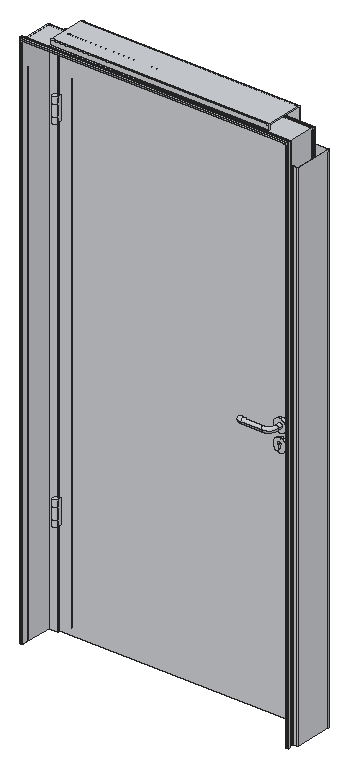
Revit family "BOS-Leibungszarge-SinoPlanar-Tosd-STW_Familie", category Türen, Revit 2017
Family settings
  Basisbauteil = Wand
  Immer vertikal = Ja
  Beim Laden mit Abzugskörper schneiden = Nein
  Gemeinsam genutzt = Nein
  Raumberechnungspunkt = Ja
Parameters (values of type "Tosd 40/30/15")
  Tosd (verdeckt liegendes Band) = no
  Wandstärke   Wall Thickness [instance] = 200 mm
  Wandstärke [instance] = if(Wandstärke   Wall Thickness < Wandstärke min., Wandstärke min., if(Wandstärke   Wall Thickness > Wandstärke max., Wandstärke max., Wandstärke   Wall Thickness))  # 200 mm
  VX Bänder stumpf DIN rechts [instance] = and(Drückergarnitur DIN rechts, VX Bänder)  # no
  VX Bänder stumpf DIN links [instance] = and(Drückergarnitur DIN links, VX Bänder)  # yes
  VX Bänder = or([Tosd 40/30/15], Tosd)  # yes
  VX Abstand [instance] = 2 mm  # constant formula
  Umkantung vorne = 20 mm  # constant formula
  Umkantung hinten = 10 mm  # constant formula
  Theoretisches Rohbaumaß Höhe   Theoretical Wall Opening Height Measurement [instance] = FMH Falzmaß Höhe + Einfügepunkt  # 2173 mm
  Theoretisches Rohbaumaß Breite   Theoretical Wall Opening Width Measurement [instance] = FMB Falzmaß Breite + (2 * Einfügepunkt)  # 1096 mm
  Tectus Abstand [instance] = Wandstärke - 41 mm  # 159 mm
  Stumpf = or(or([Tosd 40/30/15], Tosd), [Tosd (verdeckt liegendes Band)])  # yes
  URL = "www.BestOfSteel.de/stahlzargen/zargen-fuer-drehfluegeltueren/sino-zargen/"
  Türblattstärke 3 = if([Tosd 40/30/15], 30 mm, 25 mm)  # 30 mm
  Türblattstärke 2 = if([Tosd 40/30/15], 40 mm, 45 mm)  # 40 mm
  Türblattstärke 1 = 0 mm  # constant formula
  Türblattstärke = Türblattstärke 1 + Türblattstärke 2 + Türblattstärke 3  # 70 mm
  Türblattversatz [instance] = Wandstärke - 69.5 mm  # 130.5 mm
  Tectus Bänder DIN rechts [instance] = and(Drückergarnitur DIN rechts, Tectus Bänder)  # no
  Tectus Bänder DIN links [instance] = and(Drückergarnitur DIN links, Tectus Bänder)  # no
  Tectus Bänder = [Tosd (verdeckt liegendes Band)]  # no
  Spiegel vorne   Architrave Front [instance] = 5 mm  # constant formula
  Spiegel vorne [instance] = Spiegel vorne   Architrave Front  # 5 mm
  Spiegel innen   Architrave Inside [instance] = 40 mm  # constant formula
  Spiegel innen [instance] = Spiegel innen   Architrave Inside  # 40 mm
  Spiegel hinten   Architrave Back [instance] = 3 mm  # constant formula
  Spiegel hinten [instance] = Spiegel hinten   Architrave Back  # 3 mm
  Rough Height = 0 mm  # constant formula
  Rough Width = 0 mm  # constant formula
  Rechtliche Hinweise [instance] = "www.BestOfSteel.de/tools-downloads/bim-building-information-modeling/"
  Putzwinkel vorne = 3 mm  # constant formula
  Putzwinkel hinten = 3 mm  # constant formula
  Tosd = no
  Tosd 40/30/15 = yes
  Profil verschiebung = 25 mm  # constant formula
  Modell = "Tosd 40/30/15"
  Material - Zarge = none
  Material - Türblatt = none
  Material - Drückergarnitur = none
  Material - Dichtung = none
  Material - Bänder = none
  Material - Acrylfuge = none
  Material = "grundiert, feuerverzinktes Feinblech nach DIN EN 10143"
  Wandstärke min. = 125 mm  # constant formula
  Wandstärke max. = GT max. - Putzwinkel vorne - Putzwinkel hinten  # 644 mm
  Leibungstiefe   Soffit Depth [instance] = if([Tosd 40/30/15], 25 mm, 20 mm)  # 25 mm
  Leibungstiefe [instance] = Leibungstiefe   Soffit Depth  # 25 mm
  Information in English = no
  Info-Texte sichtbar = yes
  Height [instance] = Theoretisches Rohbaumaß Höhe   Theoretical Wall Opening Height Measurement  # 2173 mm
  Hersteller = "BOS GmbH Best Of Steel, Lütkenfelde 4, D-48282 Emsdetten"
  GT min. = Wandstärke min. + Putzwinkel vorne + Putzwinkel hinten  # 131 mm
  GT max. = 650 mm  # constant formula
  GT Gesamttiefe_Zarge   Total Profile Depth [instance] = Wandstärke + Putzwinkel vorne + Putzwinkel hinten  # 206 mm
  MW Fehler [instance] = or(Wandstärke   Wall Thickness < Wandstärke min., Wandstärke   Wall Thickness > Wandstärke max.)  # no
  Funktion = Innen
  Falztiefe gesamt = Falztiefe  # 49.5 mm
  Falztiefe = if([Tosd 40/30/15], 49.5 mm, 54.5 mm)  # 49.5 mm
  Falzaufschlag gesamt = Falzaufschlag  # 15 mm
  Falzaufschlag = 15 mm  # constant formula
  FMH min. = 1608 mm  # constant formula
  FMH max. = 2858 mm  # constant formula
  FMH Falzmaß_Höhe   Rebate Height Measurement [instance] = 2108 mm
  FMH Falzmaß Höhe [instance] = if(FMH Falzmaß_Höhe   Rebate Height Measurement < FMH min., FMH min., if(FMH Falzmaß_Höhe   Rebate Height Measurement > FMH max., FMH max., FMH Falzmaß_Höhe   Rebate Height Measurement))  # 2108 mm
  FMB min. = 591 mm  # constant formula
  FMB max. = 1341 mm  # constant formula
  FMB Falzmaß_Breite   Rebate Width Measurement [instance] = 966 mm
  FMB Falzmaß Breite [instance] = if(FMB Falzmaß_Breite   Rebate Width Measurement < FMB min., FMB min., if(FMB Falzmaß_Breite   Rebate Width Measurement > FMB max., FMB max., FMB Falzmaß_Breite   Rebate Width Measurement))  # 966 mm
  Einfügepunkt [instance] = Profil verschiebung + Spiegel innen  # 65 mm
  Einfachfalz = or(or([Tosd 40/30/15], Tosd), [Tosd (verdeckt liegendes Band)])  # yes
  Drückerhöhe   Handle Height [instance] = 1050 mm
  Drückerhöhe [instance] = if(Drückerhöhe   Handle Height < 850 mm, 850 mm, if(Drückerhöhe   Handle Height > 1050 mm, 1050 mm, Drückerhöhe   Handle Height))  # 1050 mm
  Drückergarnitur DIN rechts [instance] = DIN rechts   DIN Right  # no
  Drückergarnitur DIN links [instance] = DIN links   DIN Left  # yes
  Dicke = 0 mm  # constant formula
  Dichtungsversatz vertikal [instance] = Wandstärke + Putzwinkel hinten - Leibungstiefe  # 178 mm
  Dichtungsversatz horizontal [instance] = Einfügepunkt - 11.5 mm  # 53.5 mm
  Dichtung 1 = Stumpf  # yes
  DIN rechts   DIN Right [instance] = not(DIN links   DIN Left)  # no
  DIN links oder rechts [instance] = if(DIN links   DIN Left, "DIN links", "DIN rechts")  # "DIN links"
  DIN links   DIN Left [instance] = yes
  Width = 0 mm  # constant formula
  Beschreibung = "Leibungszarge SinoPlanar für Ständerwerk, stumpf"
  Bauelement = "BOS Stahlzarge"
  BOS-Architekten-Beratung = "Tel.: +49 (0) 2572 203-203, Fax -209; E-Mail: architekten@BestOfSteel.de"
  BE Bodeneinstand   Foundation Bedding [instance] = 0 mm
  BE Bodeneinstand [instance] = if(BE Bodeneinstand   Foundation Bedding < 0 mm, 0 mm, if(BE Bodeneinstand   Foundation Bedding > BE max., BE max., BE Bodeneinstand   Foundation Bedding))  # 0 mm
  BBL1 Bandbezugslinie   Hinge Position 1 = 241 mm  # constant formula
  BE max. = 100 mm  # constant formula
  BA Bandabstand   Distance Between Hinges [instance] = if(FMH Falzmaß Höhe < 1546 mm, 935 mm, if(FMH Falzmaß Höhe < 1671 mm, 1060 mm, if(FMH Falzmaß Höhe < 1796 mm, 1185 mm, if(FMH Falzmaß Höhe < 1921 mm, 1310 mm, if(FMH Falzmaß Höhe < 2171 mm, 1435 mm, if(FMH Falzmaß Höhe < 2296 mm, 1685 mm, if(FMH Falzmaß Höhe < 2421 mm, 1810 mm, if(FMH Falzmaß Höhe < 2546 mm, 1935 mm, if(FMH Falzmaß Höhe < 2671 mm, 2060 mm, if(FMH Falzmaß Höhe < 2796 mm, 2185 mm, 2310 mm))))))))))  # 1435 mm
  Aussteifungsprofil 2 = or(Tosd, [Tosd (verdeckt liegendes Band)])  # no
  Aussteifungsprofil 1 = [Tosd 40/30/15]  # yes
  Allgemeine Informationen zu Stahlzargen = "www.BestOfSteel.de/tools-downloads/technische-infos-rund-um-die-stahlzarge/"
Reference planes
  plane 1 "Wand": y = 0
  plane 2 "Mitte (Links/rechts)": x = 125
  plane 3 "Hinten": y = 100
  plane 4 "Vorne": y = -100
  plane 5 "TRB links": x = -423
  plane 6 "TRB rechts": x = 673
  plane 7 "TRH oben": z = 2173
  plane 8 "BBL1": z = 1867
  plane 9 "Drückerhöhe": z = 1050
  plane 10 "BBL2": z = 432
  plane 11 "BE": z = 0
  plane 12 "FMH oben": z = 2108
  plane 13 "BE max.": z = -100
  plane 14 "FMB links": x = -358
  plane 15 "FMH rechts": x = 608
  plane 16 "FMH oben-50": z = 2058
Forms (mm)
  Sweep 1, solid, material <- "Material - Zarge", detail levels medium+fine
    path origin (0, -100, 0) x (-1, 0, 0) y (0, 0, 1)
      loop
        line (423, 0) -> (423, 2173) -> (-673, 2173) -> (-673, 0)
    profile "BOS-Tosd_Profil : BOS-Tosd_Profil" origin (-423, -100, 1086.5) x (1, 0, 0) y (0, 1, 0)
      loop
        arc (20, -0.5) -> (22.5, -3) -> (25, -0.5) r 2.5
        line (25, -0.5) -> (25, 127.5)
        arc (25, 127.5) -> (25.293, 128.207) -> (26, 128.5) r 1
        line (26, 128.5) -> (62.5, 128.5)
        arc (62.5, 128.5) -> (64.268, 129.232) -> (65, 131) r 2.5
        line (65, 131) -> (65, 168.5)
        arc (65, 168.5) -> (64.268, 170.268) -> (62.5, 171) r 2.5
        line (62.5, 171) -> (54.5, 171)
        arc (54.5, 171) -> (53.793, 171.293) -> (53.5, 172) r 1
        line (53.5, 172) -> (53.5, 177)
        arc (53.5, 177) -> (53.793, 177.707) -> (54.5, 178) r 1
        line (54.5, 178) -> (77.5, 178)
        arc (77.5, 178) -> (79.268, 178.732) -> (80, 180.5) r 2.5
        line (80, 180.5) -> (80, 201.5)
        arc (80, 201.5) -> (78.5, 203) -> (77, 201.5) r 1.5
        line (77, 201.5) -> (77, 193) -> (78.5, 193) -> (78.5, 180.5)
        arc (78.5, 180.5) -> (78.207, 179.793) -> (77.5, 179.5) r 1
        line (77.5, 179.5) -> (54.5, 179.5)
        arc (54.5, 179.5) -> (52.732, 178.768) -> (52, 177) r 2.5
        line (52, 177) -> (52, 172)
        arc (52, 172) -> (52.754, 170.211) -> (54.561, 169.501) r 2.5
        line (54.561, 169.501) -> (62.536, 169.501)
        arc (62.536, 169.501) -> (63.207, 169.207) -> (63.5, 168.5) r 1
        line (63.5, 168.5) -> (63.5, 131)
        arc (63.5, 131) -> (63.207, 130.293) -> (62.5, 130) r 1
        line (62.5, 130) -> (26, 130)
        arc (26, 130) -> (24.232, 129.268) -> (23.5, 127.5) r 2.5
        line (23.5, 127.5) -> (23.5, -0.5)
        arc (23.5, -0.5) -> (22.5, -1.5) -> (21.5, -0.5) r 1
        line (21.5, -0.5) -> (21.5, 17) -> (20, 17) -> (20, -0.5)
  Sweep 2, solid, material <- "Material - Zarge", visible <- "Aussteifungsprofil 1", detail levels fine
    path origin (0, -100, 0) x (-1, 0, 0) y (0, 0, 1)
      loop
        line (423, 0) -> (423, 2173) -> (-673, 2173) -> (-673, 0)
    profile "BOS-Tosd-Aussteifungsprofil-1_Profil : BOS-Tosd-Aussteifungsprofil-1_Profil" origin (-423, -100, 1086.5) x (1, 0, 0) y (0, 1, 0)
      loop
        line (21.5, 27) -> (21.5, 5) -> (23.5, 5) -> (23.5, 27)
        arc (23.5, 27) -> (22.621, 29.121) -> (20.5, 30) r 3
        line (20.5, 30) -> (3, 30)
        arc (3, 30) -> (2.293, 30.293) -> (2, 31) r 1
        line (2, 31) -> (2, 178.5)
        arc (2, 178.5) -> (2.293, 179.207) -> (3, 179.5) r 1
        line (3, 179.5) -> (75.5, 179.5)
        arc (75.5, 179.5) -> (77.621, 180.379) -> (78.5, 182.5) r 3
        line (78.5, 182.5) -> (78.5, 191) -> (76.5, 191) -> (76.5, 182.5)
        arc (76.5, 182.5) -> (76.207, 181.793) -> (75.5, 181.5) r 1
        line (75.5, 181.5) -> (3, 181.5)
        arc (3, 181.5) -> (0.879, 180.621) -> (0, 178.5) r 3
        line (0, 178.5) -> (0, 31)
        arc (0, 31) -> (0.879, 28.879) -> (3, 28) r 3
        line (3, 28) -> (20.5, 28)
        arc (20.5, 28) -> (21.207, 27.707) -> (21.5, 27) r 1
  Extrusion 3, void
    sketch origin (0, 0, 2058) x (-1, 0, 0) y (0, -1, 0)
      loop
        line (423, -103) -> (423, 103) -> (308, 103) -> (308, -103) -> (423, -103)
    from 0 to 115
  Extrusion 4, void
    sketch origin (0, 0, 2058) x (-1, 0, 0) y (0, -1, 0)
      loop
        line (-673, -103) -> (-558, -103) -> (-558, 103) -> (-673, 103) -> (-673, -103)
    from 0 to 115
  Sweep 5, solid, material <- "Material - Zarge", visible <- "Aussteifungsprofil 2", detail levels fine
    path origin (0, -100, 0) x (-1, 0, 0) y (0, 0, 1)
      loop
        line (423, 0) -> (423, 2173) -> (-673, 2173) -> (-673, 0)
    profile "BOS-Tosd-Aussteifungsprofil-2_Profil : BOS-Tosd-Aussteifungsprofil-2_Profil" origin (-423, -100, 1086.5) x (1, 0, 0) y (0, 1, 0)
      loop
        line (21.5, 27) -> (21.5, 5) -> (23.5, 5) -> (23.5, 27)
        arc (23.5, 27) -> (22.621, 29.121) -> (20.5, 30) r 3
        line (20.5, 30) -> (3, 30)
        arc (3, 30) -> (2.293, 30.293) -> (2, 31) r 1
        line (2, 31) -> (2, 178.5)
        arc (2, 178.5) -> (2.293, 179.207) -> (3, 179.5) r 1
        line (3, 179.5) -> (77.5, 179.5) -> (77.5, 181.5) -> (3, 181.5)
        arc (3, 181.5) -> (0.879, 180.621) -> (0, 178.5) r 3
        line (0, 178.5) -> (0, 31)
        arc (0, 31) -> (0.879, 28.879) -> (3, 28) r 3
        line (3, 28) -> (20.5, 28)
        arc (20.5, 28) -> (21.207, 27.707) -> (21.5, 27) r 1
  Sweep 6, solid, material <- "Material - Dichtung", visible <- "Dichtung 1", detail levels medium+fine
    path origin (0, -100, 0) x (-1, 0, 0) y (0, 0, 1)
      loop
        line (423, 0) -> (423, 2173) -> (-673, 2173) -> (-673, 0)
    profile "BOS-Dichtung-SinoPlanar_Profil : BOS-Dichtung-SinoPlanar_Profil" origin (-423, -100, 1086.5) x (1, 0, 0) y (0, 1, 0)
      loop
        line (55.094, 175.5) -> (56.658, 172.9) -> (59.972, 172.9) -> (58.471, 175.5) -> (55.094, 175.5)
      loop
        arc (63.919, 174.613) -> (64.07, 175.623) -> (63.874, 176.627) r 3
        line (63.874, 176.627) -> (62.18, 176.539) -> (62.071, 175.5) -> (59.477, 175.5) -> (60.84, 173.175) -> (64.061, 171.898)
        arc (64.061, 171.898) -> (64.048, 172.567) -> (63.907, 173.222) r 3.5
        arc (63.907, 173.222) -> (63.771, 173.919) -> (63.919, 174.613) r 1.777
      loop
        arc (68.421, 175.406) -> (70.681, 174.174) -> (73.11, 173.322) r 15.892
        arc (73.11, 173.322) -> (73.964, 173.379) -> (74.621, 173.928) r 1.385
        line (74.621, 173.928) -> (76.41, 174.526)
        arc (76.41, 174.526) -> (76.942, 175.289) -> (76.72, 176.192) r 1.129
        arc (76.72, 176.192) -> (76.222, 176.635) -> (75.562, 176.726) r 1.146
        arc (75.562, 176.726) -> (73.366, 176.4) -> (71.157, 176.622) r 9
        arc (71.157, 176.622) -> (69.587, 176.469) -> (68.421, 175.406) r 2.5
      loop
        line (53.5, 175.534) -> (53.5, 174.551)
        arc (53.5, 174.551) -> (55.504, 173.149) -> (56.671, 171) r 5.331
        line (56.671, 171) -> (57.532, 171.181) -> (57.328, 172.1) -> (59.753, 172.1) -> (60.013, 170.995) -> (60.984, 171.165) -> (60.732, 172.1) -> (62.027, 171.862)
        arc (62.027, 171.862) -> (63.97, 170.801) -> (64.994, 168.838) r 3.803
        arc (64.994, 168.838) -> (65.537, 168.973) -> (65.96, 169.339) r 1.2
        arc (65.96, 169.339) -> (66.004, 171.193) -> (64.955, 172.723) r 3.02
        arc (64.955, 172.723) -> (64.338, 174.601) -> (65.729, 176.004) r 1.893
        arc (65.729, 176.004) -> (66.28, 176.187) -> (66.836, 176.35) r 15.917
        line (66.836, 176.35) -> (67.608, 175.779)
        arc (67.608, 175.779) -> (67.7, 174.931) -> (68.342, 174.37) r 1.171
        arc (68.342, 174.37) -> (69.467, 173.86) -> (70.584, 173.333) r 76.324
        line (70.584, 173.333) -> (70.484, 172.356) -> (67.852, 171.267) -> (68.734, 170.495) -> (77.164, 174.036)
        arc (77.164, 174.036) -> (77.999, 174.668) -> (78.109, 175.71) r 1.317
        arc (78.109, 175.71) -> (77.79, 176.209) -> (78.071, 176.73) r 0.584
        arc (78.071, 176.73) -> (78.73, 177.211) -> (79.331, 177.763) r 7.174
        arc (79.331, 177.763) -> (79.291, 178.292) -> (78.765, 178.352) r 0.416
        arc (78.765, 178.352) -> (76.877, 177.61) -> (74.851, 177.506) r 6.295
        line (74.851, 177.506) -> (66.24, 177.65) -> (63.934, 178) -> (61.445, 177.783) -> (61.271, 176.5) -> (58.864, 176.5) -> (59.281, 177.89) -> (58.476, 178) -> (57.793, 176.5) -> (56.147, 176.5) -> (56.715, 177.839) -> (55.871, 178)
        arc (55.871, 178) -> (55.292, 177.023) -> (54.664, 176.077) r 22.411
        arc (54.664, 176.077) -> (54.158, 175.642) -> (53.5, 175.534) r 1.236
  Sweep 7, void
    path origin (0, -100, 0) x (-1, 0, 0) y (0, 0, 1)
      loop
        line (423, 0) -> (423, 2173) -> (-125, 2173)
    profile origin (-423, -100, 1086.5) x (1, 0, 0) y (0, 1, 0)
      loop
        line (548, 200) -> (72, 200) -> (72, 187.5) -> (0, 187.5) -> (0, 25) -> (15, 25) -> (15, 0) -> (548, 0) -> (548, 200)
  Sweep 8, solid, material <- "Material - Acrylfuge", detail levels fine
    path origin (0, -100, 0) x (-1, 0, 0) y (0, 0, 1)
      loop
        line (423, 0) -> (423, 2173) -> (-673, 2173) -> (-673, 0)
    profile origin (-423, -100, 1086.5) x (1, 0, 0) y (0, 1, 0)
      loop
        arc (20, 7) -> (17.514, 7.38) -> (15, 7.306) r 13.906
        line (15, 7.306) -> (15, 0)
        arc (15, 0) -> (17.561, 0.363) -> (20, -0.5) r 5.435
        line (20, -0.5) -> (20, 7)
      loop
        arc (77, 200.5) -> (74.561, 199.637) -> (72, 200) r 5.435
        line (72, 200) -> (72, 192.694)
        arc (72, 192.694) -> (74.514, 192.62) -> (77, 193) r 13.906
        line (77, 193) -> (77, 200.5)
  Sweep 9, void
    path origin (0, -100, 0) x (-1, 0, 0) y (0, 0, 1)
      loop
        line (-673, 0) -> (-673, 2173) -> (-125, 2173)
    profile origin (673, -100, 1086.5) x (1, 0, 0) y (0, 1, 0)
      loop
        line (-548, 200) -> (-548, 0) -> (-15, 0) -> (-15, 25) -> (0, 25) -> (0, 187.5) -> (-72, 187.5) -> (-72, 200) -> (-548, 200)
Cuts and joins
  Extrusion 3, Extrusion 4 cuts Sweep 2
  Extrusion 3, Extrusion 4 cuts Sweep 5
Lines and regions (mm)
  model lines, style "DoorsHiddenLines", visible <- "DIN links   DIN Left"
    curve 1: arc (673, -100, 0) -> (351.989, -874.989, 0) -> (-423, -1196, 0) r 1096
  model lines, visible <- "DIN links   DIN Left"
    curve 2: line (-423, -100, 0) -> (-423, -1196, 0)
  model lines, style "DoorsHiddenLines", visible <- "DIN rechts   DIN Right"
    curve 3: arc (-423, -100, 0) -> (-101.989, -874.989, 0) -> (673, -1196, 0) r 1096
  model lines, visible <- "DIN rechts   DIN Right"
    curve 4: line (673, -100, 0) -> (673, -1196, 0)
  reference lines
    curve 5: line (65, 650, 0) -> (185, 650, 0)
    curve 6: line (65, -650, 0) -> (185, -650, 0)
    curve 7: line (1173, 100, 0) -> (1173, -100, 0)
Text (mm)
  text "Außen     " at (-1696.17, 830.944, 0), in view "Ref.-Ebene"
  text "Außen" at (0, 1409.804, 2854.306), in view "Links"
  text "Placement side" at (0, 499.811, 2980.732), in view "Rechts"
Dimensions and locks
  locked: plane 3 "Hinten" to host wall
  locked: host wall to plane 4 "Vorne" at 0
  level to plane 7 "TRH oben" = 2173 mm
  equal spacing: plane 5 "TRB links", plane 2 "Mitte (Links/rechts)", plane 6 "TRB rechts"
  "Drückerhöhe": level to plane 9 "Drückerhöhe"
  "BE Bodeneinstand": plane 11 "BE" to level
  "Wandstärke   Wall Thickness": host wall to host wall
  "BBL1 Bandbezugslinie   Hinge Position 1": plane 12 "FMH oben" to plane 8 "BBL1"
  "BA Bandabstand   Distance Between Hinges": plane 8 "BBL1" to plane 10 "BBL2"
  "FMH Falzmaß Höhe": plane 12 "FMH oben" to level
  "Theoretisches Rohbaumaß Höhe   Theoretical Wall Opening Height Measurement": plane 7 "TRH oben" to level
  curve 4 to curve 7 = 500 mm
  "Theoretisches Rohbaumaß Breite   Theoretical Wall Opening Width Measurement": plane 5 "TRB links" to plane 6 "TRB rechts"
  curve 6 to plane 4 "Vorne" to plane 3 "Hinten" to curve 5 = 550 mm, 200 mm, 550 mm
  "BE max.": level to plane 13 "BE max."
  equal spacing: plane 14 "FMB links", plane 2 "Mitte (Links/rechts)", plane 15 "FMH rechts"
  "FMB Falzmaß Breite": plane 14 "FMB links" to plane 15 "FMH rechts"
  plane 12 "FMH oben" to plane 16 "FMH oben-50" = 50 mm
  plane 14 "FMB links" to Extrusion 3 sketch curve = 50 mm
  Extrusion 4 sketch curve to plane 15 "FMH rechts" = 50 mm
  "Putzwinkel hinten": plane 3 "Hinten" to Extrusion 3 sketch curve
  "Putzwinkel vorne": plane 4 "Vorne" to Extrusion 3 sketch curve
  "Putzwinkel vorne": plane 4 "Vorne" to Extrusion 4 sketch curve
  "Putzwinkel hinten": plane 3 "Hinten" to Extrusion 4 sketch curve
  aligned and locked: plane 1 "Wand" to host wall
  aligned and locked: plane 5 "TRB links" to curve 1
  aligned and locked: plane 2 "Mitte (Links/rechts)" to nested 1
  aligned and locked: nested 2 to nested 1
  aligned and locked: plane 9 "Drückerhöhe" to nested 3
  aligned and locked: nested 4 to plane 9 "Drückerhöhe"
  aligned and locked: nested 5 to plane 9 "Drückerhöhe"
  aligned and locked: plane 9 "Drückerhöhe" to nested 2
  aligned and locked: nested 1 to nested 3
  aligned and locked: nested 5 to nested 1  (x2)
  aligned and locked: nested 4 to nested 1
  aligned and locked: nested 3 to nested 1
  aligned and locked: nested 1 to nested 2
  aligned and locked: nested 1 to nested 4
  aligned and locked: plane 6 "TRB rechts" to nested 6
  aligned and locked: plane 9 "Drückerhöhe" to nested 6
  aligned and locked: nested 10 to plane 10 "BBL2"
  aligned and locked: plane 8 "BBL1" to nested 9
  aligned and locked: plane 10 "BBL2" to nested 11
  aligned and locked: nested 9 to nested 1  (x2)
  aligned and locked: nested 10 to nested 1  (x2)
  aligned and locked: host wall to nested 7
  aligned and locked: nested 7 to curve 7
  aligned and locked: nested 1 to nested 11  (x2)
  aligned and locked: plane 2 "Mitte (Links/rechts)" to nested 8
  aligned and locked: curve 6 to nested 8
  aligned and locked: plane 2 "Mitte (Links/rechts)" to nested 12
  aligned and locked: curve 5 to nested 12
  aligned and locked: plane 5 "TRB links" to Extrusion 3 sketch curve
  aligned and locked: plane 7 "TRH oben" to Extrusion 3
  aligned and locked: plane 6 "TRB rechts" to Extrusion 4 sketch curve
  aligned and locked: plane 7 "TRH oben" to Extrusion 4
  aligned and locked: nested 14 to plane 10 "BBL2"
  aligned and locked: plane 10 "BBL2" to nested 16
  aligned and locked: plane 8 "BBL1" to nested 13
  aligned and locked: nested 15 to plane 8 "BBL1"
  aligned and locked: nested 13 to plane 14 "FMB links"
  aligned and locked: nested 14 to plane 14 "FMB links"
  aligned and locked: nested 15 to plane 15 "FMH rechts"
  aligned and locked: nested 16 to plane 15 "FMH rechts"
  aligned and locked: plane 4 "Vorne" to nested 1
  aligned and locked: plane 4 "Vorne" to nested 13
  aligned and locked: plane 4 "Vorne" to nested 14
  aligned and locked: nested 15 to plane 4 "Vorne"
  aligned and locked: nested 16 to plane 4 "Vorne"
  aligned and locked: nested 1 to nested 17
  aligned and locked: nested 17 to nested 15
  aligned and locked: nested 18 to plane 4 "Vorne"
  aligned and locked: plane 5 "TRB links" to nested 18
  aligned and locked: nested 19 to cut or joined group of Extrusion 3, Extrusion 4, Sweep 5
  aligned and locked: cut or joined group of Extrusion 3, Extrusion 4, Sweep 5 to nested 19
  aligned and locked: plane 6 "TRB rechts" to nested 20
  aligned and locked: plane 4 "Vorne" to nested 20
  aligned and locked: Sweep 7 sketch curve to nested 1
  aligned and locked: nested 18 to Sweep 7 sketch curve  (x2)
  aligned and locked: Sweep 7 sketch curve to nested 18  (x5)
  aligned and locked: Sweep 8 sketch curve to nested 18  (x6)
  aligned and locked: Sweep 1 to Sweep 8 sketch curve  (x2)
  aligned and locked: Sweep 9 sketch curve to plane 2 "Mitte (Links/rechts)"
  aligned and locked: nested 20 to Sweep 9 sketch curve  (x2)
  aligned and locked: Sweep 9 sketch curve to nested 20  (x4)
  aligned and locked: Sweep 9 sketch curve to plane 4 "Vorne"
Automatic sketch dimensions
  host wall to curve 1 = 0 mm
  host wall to curve 7 = 0 mm
  curve 7 to host wall = 0 mm
  curve 6 to plane 2 "Mitte (Links/rechts)" = 60 mm
  curve 5 to plane 2 "Mitte (Links/rechts)" = 60 mm
  plane 2 "Mitte (Links/rechts)" to curve 6 = 60 mm
  plane 2 "Mitte (Links/rechts)" to curve 5 = 60 mm
  plane 6 "TRB rechts" to curve 7 = 500 mm
  Sweep 1 sketch curve to plane 6 "TRB rechts" = 0 mm
  Sweep 1 sketch curve to plane 5 "TRB links" = 0 mm
  Sweep 1 sketch curve to plane 11 "BE" = 0 mm  (x2)
  Sweep 1 sketch curve to plane 7 "TRH oben" = 0 mm
  Sweep 2 sketch curve to plane 6 "TRB rechts" = 0 mm
  Sweep 2 sketch curve to plane 5 "TRB links" = 0 mm
  Sweep 2 sketch curve to plane 11 "BE" = 0 mm  (x2)
  Sweep 2 sketch curve to plane 7 "TRH oben" = 0 mm
  Sweep 5 sketch curve to plane 6 "TRB rechts" = 0 mm
  Sweep 5 sketch curve to plane 5 "TRB links" = 0 mm
  Sweep 5 sketch curve to plane 11 "BE" = 0 mm  (x2)
  Sweep 5 sketch curve to plane 7 "TRH oben" = 0 mm
  Sweep 6 sketch curve to plane 6 "TRB rechts" = 0 mm
  Sweep 6 sketch curve to plane 5 "TRB links" = 0 mm
  Sweep 6 sketch curve to level = 0 mm  (x2)
  Sweep 6 sketch curve to plane 7 "TRH oben" = 0 mm
  Sweep 7 sketch curve to plane 2 "Mitte (Links/rechts)" = 0 mm
  Sweep 7 sketch curve to plane 5 "TRB links" = 0 mm
  Sweep 7 sketch curve to level = 0 mm
  Sweep 7 sketch curve to plane 7 "TRH oben" = 0 mm
  Sweep 8 sketch curve to plane 6 "TRB rechts" = 0 mm
  Sweep 8 sketch curve to plane 5 "TRB links" = 0 mm
  Sweep 8 sketch curve to level = 0 mm  (x2)
  Sweep 8 sketch curve to plane 7 "TRH oben" = 0 mm
  Sweep 9 sketch curve to plane 6 "TRB rechts" = 0 mm
  Sweep 9 sketch curve to plane 2 "Mitte (Links/rechts)" = 0 mm
  Sweep 9 sketch curve to level = 0 mm
  Sweep 9 sketch curve to plane 7 "TRH oben" = 0 mm
  host wall to curve 3 = 0 mm
Nested families
  nested 1: "BOS-Türblatt-SinoPlanar_Modell" at (125, 30.5, 0), type "BOS-Türblatt-SinoPlanar_Modell", detail levels medium+fine
    with Türblattversatz 130.5 mm, Türblattstärke TB3 30 mm, Türblattstärke TB2 40 mm, Türblattstärke TB1 0 mm, Türblattstärke 70 mm
  nested 2: "BOS-Drückergarnitur_Modell" at (527.5, 100.5, 1050) x (-1, 0, 0) z (0, 0, 1), visible <- "Drückergarnitur DIN links", type "BOS-Drückergarnitur_Modell", detail levels fine
  nested 3: "BOS-Drückergarnitur_Modell" at (-277.5, 30.5, 1050), visible <- "Drückergarnitur DIN rechts", type "BOS-Drückergarnitur_Modell", detail levels fine
  nested 4: "BOS-Drückergarnitur_Modell" at (-277.5, 100.5, 1050), visible <- "Drückergarnitur DIN rechts", type "BOS-Drückergarnitur_Modell", detail levels fine
  nested 5: "BOS-Drückergarnitur_Modell" at (527.5, 30.5, 1050) x (-1, 0, 0) z (0, 0, 1), visible <- "Drückergarnitur DIN links", type "BOS-Drückergarnitur_Modell", detail levels fine
  nested 6: "BOS-BOS_Modell" at (673, -85, 1050), type "BOS-BOS_Modell", not visible
    with Abstand 25 mm
  nested 7: "BOS-Info-Texte_Beschriftung" at (1173, -0.955, 0), visible <- "MW Fehler", type "Maulweite Fehlermeldung"
  nested 8: "BOS-Info-Texte_Beschriftung" at (125, -650.955, 0), visible <- "Info-Texte sichtbar", type "Rechtliche Hinweise"
  nested 9: "BOS-Band-VX-Stumpf_Modell" at (-361, 15.5, 1867), visible <- "VX Bänder stumpf DIN links", type "BOS-Band-VX-Stumpf_Modell", detail levels fine
    with Abstand 2 mm
  nested 10: "BOS-Band-VX-Stumpf_Modell" at (-361, 15.5, 432), visible <- "VX Bänder stumpf DIN links", type "BOS-Band-VX-Stumpf_Modell", detail levels fine
    with Abstand 2 mm
  nested 11: "BOS-Band-VX-Stumpf_Modell" at (611, 15.5, 432) x (-1, 0, 0) z (0, 0, 1), visible <- "VX Bänder stumpf DIN rechts", type "BOS-Band-VX-Stumpf_Modell", detail levels fine
    with Abstand 2 mm
  nested 12: "BOS-Info-Texte_Beschriftung" at (125, 649.045, 0), visible <- "Info-Texte sichtbar", type "Technische Hinweise"
  nested 13: "BOS-Band-Tectus_Modell" at (-354.5, 59, 1867), visible <- "Tectus Bänder DIN links", type "BOS-Band-Tectus_Modell", detail levels fine
    with Abstand 159 mm
  nested 14: "BOS-Band-Tectus_Modell" at (-354.5, 59, 432), visible <- "Tectus Bänder DIN links", type "BOS-Band-Tectus_Modell", detail levels fine
    with Abstand 159 mm
  nested 15: "BOS-Band-Tectus_Modell" at (604.5, 59, 1867) x (-1, 0, 0) z (0, 0, 1), visible <- "Tectus Bänder DIN rechts", type "BOS-Band-Tectus_Modell", detail levels fine
    with Abstand 159 mm
  nested 16: "BOS-Band-Tectus_Modell" at (604.5, 59, 432) x (-1, 0, 0) z (0, 0, 1), visible <- "Tectus Bänder DIN rechts", type "BOS-Band-Tectus_Modell", detail levels fine
    with Abstand 159 mm
  nested 17: "BOS-Band-VX-Stumpf_Modell" at (611, 15.5, 1867) x (-1, 0, 0) z (0, 0, 1), visible <- "VX Bänder stumpf DIN rechts", type "BOS-Band-VX-Stumpf_Modell", detail levels fine
    with Abstand 2 mm
  nested 18: "BOS-SinoPlanar-STW_Detail" at (-423, -100, 2058), type "BOS-SinoPlanar-STW_Detail", detail levels fine
  nested 19: "BOS-Logo_Modell" at (-406, 69.5, 0), type "BOS-Logo_Modell", detail levels fine
  nested 20: "BOS-SinoPlanar-STW_Detail" at (673, -100, 2058) x (-1, 0, 0) z (0, 0, 1), type "BOS-SinoPlanar-STW_Detail", detail levels fine
Definition of nested family "BOS-Türblatt-SinoPlanar_Modell"
  Parameters (values of type "BOS-Türblatt_Modell")
    URL = "www.BestOfSteel.de"
    Türblattversatz = 26 mm
    Türblattaufschlag = 13 mm
    Türblattstärke TB3 = 25 mm
    Türblattstärke TB2 = 25.5 mm
    Türblattstärke TB1 = 14.5 mm
    Türblattstärke = Türblattstärke TB1 + Türblattstärke TB2 + Türblattstärke TB3  # 65 mm
    Türblattextrusionsende = FMH Zargen Falzmaß Höhe + 9 mm  # 2117 mm
    Türblattextrusionsbeginn = 7 mm
    Material - Türblatt = none
    FMH Zargen Falzmaß Höhe = 2108 mm
    FMB Zargen Falzmaß Breite = 966 mm
    Keynote = "BOS Türblatt"
    TAB3 Türblatt Außenmass Breite Türblatt 3 = TAB2 Türblatt Außenmass Breite Türblatt 2 - 2 * Falzaufschlag  # 929 mm
    TAB Türblatt Außenmass Breite = FMB Zargen Falzmaß Breite + 2 * 9.5 mm  # 985 mm
    TAB2 Türblatt Außenmass Breite Türblatt 2 = TAB Türblatt Außenmass Breite - 2 * Türblattaufschlag  # 959 mm
    Falzaufschlag = 15 mm
  Reference planes
    plane 1 "Mitte (Vorne/hinten)": y = 0
    plane 2: z = 0
    plane 3 "Mitte (Links/rechts)": x = 0
    plane 4: z = 2117
    plane 5: x = -492.5
    plane 6: x = 492.5
    plane 7: z = 7
    plane 8 "hinten": y = 26
    plane 9 "vorne": y = -26
  Forms (mm)
    Extrusion 1, solid, material <- "Material - Türblatt"
      sketch origin (0, 0, 0) x (1, 0, 0) y (0, 1, 0)
        loop
          line (-492.5, 65) -> (-492.5, 0) -> (492.5, 0) -> (492.5, 65) -> (-492.5, 65)
      from 7 <- "Türblattextrusionsbeginn" to 2117 <- "Türblattextrusionsende"
    Sweep 2, void
      path origin (-2.283, 0, 0) x (1, 0, 0) y (0, 0, 1)
        loop
          line (-490.217, 7) -> (-490.217, 2117) -> (494.783, 2117) -> (494.783, 7)
      profile origin (-492.5, 0, 1062) x (-1, 0, 0) y (0, -1, 0)
        loop
          line (0, -65) -> (0, -14.5) -> (-13, -14.5) -> (-13, -40) -> (-28, -40) -> (-28, -65) -> (0, -65)
  Cuts and joins
    Sweep 2 cuts Extrusion 1
  Dimensions and locks
    equal spacing: Extrusion 1 sketch curve, plane 3 "Mitte (Links/rechts)", Extrusion 1 sketch curve
    "TAB Türblatt Außenmass Breite": Extrusion 1 sketch curve to Extrusion 1 sketch curve
    "Türblattstärke": Extrusion 1 sketch curve to Extrusion 1 sketch curve
    "TAB Türblatt Außenmass Breite": plane 6 to plane 5
    equal spacing: plane 6, plane 3 "Mitte (Links/rechts)", plane 5
    "Türblattextrusionsende": plane 4 to level
    "Türblattextrusionsbeginn": plane 7 to level
    "Türblattstärke TB3": Sweep 2 sketch curve to Sweep 2 sketch curve
    "Türblattstärke TB2": Sweep 2 sketch curve to Sweep 2 sketch curve
    "Türblattaufschlag": cut or joined group of Extrusion 1, Sweep 2 to Sweep 2 sketch curve
    "Falzaufschlag": Sweep 2 sketch curve to Sweep 2 sketch curve
    "Türblattversatz": plane 9 "vorne" to plane 1 "Mitte (Vorne/hinten)"
    "Türblattstärke TB1": Sweep 2 sketch curve to plane 1 "Mitte (Vorne/hinten)"
    equal spacing: plane 8 "hinten", plane 1 "Mitte (Vorne/hinten)", plane 9 "vorne"
    aligned and locked: level to plane 2
  Automatic sketch dimensions
    plane 1 "Mitte (Vorne/hinten)" to Extrusion 1 sketch curve = 0 mm
    Sweep 2 sketch curve to plane 4 = 0 mm
    Sweep 2 sketch curve to plane 5 = 0 mm
    Sweep 2 sketch curve to plane 6 = 0 mm
    Sweep 2 sketch curve to plane 7 = 0 mm  (x2)
    Sweep 2 sketch curve to profile plane = 0 mm
Definition of nested family "BOS-Drückergarnitur_Modell"
  Parameters (values of type "BOS-Drückergarnitur_Modell")
    URL = "www.BestOfSteel.de"
    Material - Drückergarnitur = none
    Keynote = "BOS Drückergarnitur"
  Reference planes
    plane 1 "Mitte (Vorne/hinten)": y = 0
    plane 2 "Drückerhöhe": z = 0
    plane 3 "Mitte (Links/rechts)": x = 0
    plane 4 "Türblattende gefälzt": x = -90
  Forms (mm)
    Sweep 1, solid, material <- "Material - Drückergarnitur"
      path origin (0, 0, 0) x (1, 0, 0) y (0, 1, 0)
        loop
          line (0, 0) -> (0, -10)
      profile origin (0, -5, 0) x (1, 0, 0) y (0, 0, 1)
        loop
          circle (0, 0) r 26
    Sweep 2, solid, material <- "Material - Drückergarnitur"
      path origin (0, 0, 0) x (1, 0, 0) y (0, 1, 0)
        loop
          line (0, -10) -> (0, -30.336)
          arc (0, -30.336) -> (8.201, -50.135) -> (28, -58.336) r 28
          line (28, -58.336) -> (108.063, -58.336)
          arc (108.063, -58.336) -> (116.614, -56.829) -> (124.133, -52.487) r 25
      profile origin (0, -20.168, 0) x (1, 0, 0) y (0, 0, 1)
        loop
          circle (0, 0) r 9
    Sweep 3, solid, material <- "Material - Drückergarnitur"
      path origin (0, 0, -70) x (1, 0, 0) y (0, 1, 0)
        loop
          line (0, 0) -> (0, -10)
      profile origin (0, -5, -70) x (1, 0, 0) y (0, 0, 1)
        loop
          circle (0, 0) r 26
        loop
          arc (-4.3, -12.6) -> (0, -16.9) -> (4.3, -12.6) r 4.3
          line (4.3, -12.6) -> (4.3, 0)
          arc (4.3, 0) -> (7.07, 8.305) -> (0, 13.47) r 7.421
          arc (0, 13.47) -> (-7.07, 8.305) -> (-4.3, 0) r 7.421
          line (-4.3, 0) -> (-4.3, -12.6)
  Dimensions and locks
    plane 2 "Drückerhöhe" to Sweep 3 = 70 mm
    aligned and locked: plane 1 "Mitte (Vorne/hinten)" to Sweep 3
  Automatic sketch dimensions
    Sweep 1 sketch curve to plane 3 "Mitte (Links/rechts)" = 0 mm
    plane 1 "Mitte (Vorne/hinten)" to Sweep 1 sketch curve = 0 mm
    plane 1 "Mitte (Vorne/hinten)" to Sweep 1 sketch curve = 10 mm
    level to Sweep 1 sketch curve = 0 mm
    profile plane to Sweep 1 sketch curve = 0 mm
    Sweep 2 sketch curve to plane 3 "Mitte (Links/rechts)" = 0 mm
    plane 3 "Mitte (Links/rechts)" to Sweep 2 sketch curve = 28 mm
    plane 1 "Mitte (Vorne/hinten)" to Sweep 2 sketch curve = 33.336 mm
    Sweep 2 sketch curve to Sweep 2 sketch curve = 80.063 mm
    plane 1 "Mitte (Vorne/hinten)" to Sweep 2 sketch curve = 58.336 mm
    Sweep 2 sketch curve to Sweep 2 sketch curve = 16.07 mm
    plane 1 "Mitte (Vorne/hinten)" to Sweep 2 sketch curve = 10 mm
    level to Sweep 2 sketch curve = 0 mm
    profile plane to Sweep 2 sketch curve = 0 mm
    Sweep 3 sketch curve to plane 3 "Mitte (Links/rechts)" = 0 mm
    plane 1 "Mitte (Vorne/hinten)" to Sweep 3 sketch curve = 0 mm
    plane 1 "Mitte (Vorne/hinten)" to Sweep 3 sketch curve = 10 mm
    Sweep 3 sketch curve to Sweep 3 sketch curve = 0 mm  (x2)
    Sweep 3 sketch curve to profile plane = 0 mm  (x2)
    profile plane to Sweep 3 sketch curve = 0 mm  (x3)
    Sweep 3 sketch curve to Sweep 3 sketch curve = 4.3 mm
    Sweep 3 sketch curve to Sweep 3 sketch curve = 12.6 mm
    profile plane to Sweep 3 sketch curve = 6.049 mm
    radius of Sweep 1 sketch curve = 26 mm
    radius of Sweep 2 sketch curve = 9 mm
    radius of Sweep 3 sketch curve = 26 mm
Definition of nested family "BOS-Band-VX-Stumpf_Modell"
  Parameters (values of type "BOS-Band-VX-Stumpf_Modell")
    URL = "www.BestOfSteel.de"
    Abstand = 15.5 mm
    Material - Bänder = none
    Description = "stumpf"
    Keynote = "BOS Band VX"
  Reference planes
    plane 1: y = 0
    plane 2: z = 0
    plane 3: x = 0
    plane 4: y = 13
    plane 5: y = 28.5
  Forms (mm)
    Extrusion 1, solid, material <- "Material - Bänder"
      sketch origin (0, 0, 0) x (-1, 0, 0) y (0, -1, 0)
        loop
          circle (0, 0) r 10
      from -23.5 to -47.5
    Extrusion 2, solid, material <- "Material - Bänder"
      sketch origin (0, 0, 0) x (-1, 0, 0) y (0, -1, 0)
        loop
          circle (0, 0) r 10
      from -22.5 to 22.5
    Extrusion 3, solid, material <- "Material - Bänder"
      sketch origin (0, 0, 0) x (-1, 0, 0) y (0, -1, 0)
        loop
          circle (0, 0) r 10
      from 23.5 to 47.5
    Extrusion 4, solid, material <- "Material - Bänder"
      sketch origin (0, 1.1, 0) x (-1, 0, 0) y (0, -1, 0)
        loop
          line (-10, 1.1) -> (-10, -13.9) -> (-6.5, -13.9) -> (-6.5, 1.1) -> (-10, 1.1)
      from -47 to 47
    Extrusion 5, solid, material <- "Material - Bänder"
      sketch origin (0, -0.703, 0) x (1, 0, 0) y (0, 1, 0)
        loop
          line (-10, 0.703) -> (-6.5, 0.703) -> (-6.5, 13.703) -> (-10, 13.703) -> (-10, 0.703)
      from -40 to 40
  Dimensions and locks
    "Abstand": plane 5 to plane 4
    plane 4 to plane 1 = 13 mm
    aligned and locked: level to plane 2
  Automatic sketch dimensions
    plane 1 to Extrusion 1 sketch curve = 0 mm
    Extrusion 1 sketch curve to plane 3 = 0 mm
    plane 1 to Extrusion 2 sketch curve = 0 mm
    Extrusion 2 sketch curve to plane 3 = 0 mm
    plane 1 to Extrusion 3 sketch curve = 0 mm
    Extrusion 3 sketch curve to plane 3 = 0 mm
    plane 1 to Extrusion 4 sketch curve = 0 mm
    plane 4 to Extrusion 4 sketch curve = 2 mm
    plane 3 to Extrusion 4 sketch curve = 10 mm
    Extrusion 4 sketch curve to Extrusion 4 sketch curve = 3.5 mm
    Extrusion 5 sketch curve to plane 4 = 0 mm
    plane 1 to Extrusion 5 sketch curve = 0 mm
    Extrusion 5 sketch curve to plane 3 = 10 mm
    Extrusion 5 sketch curve to Extrusion 5 sketch curve = 3.5 mm
    radius of Extrusion 1 sketch curve = 10 mm
    radius of Extrusion 2 sketch curve = 10 mm
    radius of Extrusion 3 sketch curve = 10 mm
Definition of nested family "BOS-Band-Tectus_Modell"
  Parameters (values of type "BOS-Band-Tectus_Modell")
    URL = "www.BestOfSteel.de"
    Material - Bänder = none
    Description = "stumpf"
    Keynote = "Tectus Band"
    Abstand = 15 mm
  Reference planes
    plane 1 "Mitte (Vorne/hinten)": y = 0
    plane 2: z = 0
    plane 3 "Mitte (Links/rechts)": x = 0
    plane 4: y = 15
    plane 5: y = -15
  Forms (mm)
    Extrusion 1, solid
      sketch origin (0, -30.512, 0) x (1, 0, 0) y (0, 1, 0)
        loop
          line (-3.5, 32.728) -> (-3.5, 23.896)
          arc (-3.5, 23.896) -> (-2.823, 24.396) -> (-2, 24.573) r 2
          line (-2, 24.573) -> (0, 24.573) -> (0, 33.639)
          arc (0, 33.639) -> (-1.778, 33.289) -> (-3.5, 32.728) r 15
      from 13.5 to 23.5
    Extrusion 2, solid
      sketch origin (0, -30.512, 0) x (0, -1, 0) y (1, 0, 0)
        loop
          line (-32.728, -3.5) -> (-23.896, -3.5)
          arc (-23.896, -3.5) -> (-24.396, -2.823) -> (-24.573, -2) r 2
          line (-24.573, -2) -> (-24.573, 0) -> (-33.639, 0)
          arc (-33.639, 0) -> (-33.289, -1.778) -> (-32.728, -3.5) r 15
      from -13.5 to -23.5
    Extrusion 3, solid
      sketch origin (0, -30.512, 0) x (1, 0, 0) y (0, 1, 0)
        loop
          line (-3.5, 37.135) -> (-3.5, 28.915) -> (-1.795, 26.569)
          arc (-1.795, 26.569) -> (-0.989, 25.699) -> (0, 25.043) r 5
          line (0, 25.043) -> (0, 33.723)
          arc (0, 33.723) -> (-1.108, 33.901) -> (-1.946, 34.648) r 2
          line (-1.946, 34.648) -> (-3.5, 37.135)
      from -13 to 13
    Extrusion 4, solid, not visible
      sketch origin (0, 0, 0) x (1, 0, 0) y (0, 1, 0)
        loop
          line (-3.5, 32.728) -> (-3.5, 23.896)
          arc (-3.5, 23.896) -> (-2.823, 24.396) -> (-2, 24.573) r 2
          line (-2, 24.573) -> (0, 24.573) -> (0, 33.639)
          arc (0, 33.639) -> (-1.778, 33.289) -> (-3.5, 32.728) r 15
      from 13.5 to 23.5
    Extrusion 5, solid, not visible
      sketch origin (0, 0, 0) x (0, -1, 0) y (1, 0, 0)
        loop
          line (-32.728, -3.5) -> (-23.896, -3.5)
          arc (-23.896, -3.5) -> (-24.396, -2.823) -> (-24.573, -2) r 2
          line (-24.573, -2) -> (-24.573, 0) -> (-33.639, 0)
          arc (-33.639, 0) -> (-33.289, -1.778) -> (-32.728, -3.5) r 15
      from -13.5 to -23.5
    Extrusion 6, solid, not visible
      sketch origin (0, 0, 0) x (1, 0, 0) y (0, 1, 0)
        loop
          line (-3.5, 37.135) -> (-3.5, 28.915) -> (-1.795, 26.569)
          arc (-1.795, 26.569) -> (-0.989, 25.699) -> (0, 25.043) r 5
          line (0, 25.043) -> (0, 33.723)
          arc (0, 33.723) -> (-1.108, 33.901) -> (-1.946, 34.648) r 2
          line (-1.946, 34.648) -> (-3.5, 37.135)
      from -13 to 13
  Lines and regions (mm)
    reference lines
      curve 1: line (0, 0, 0) -> (-3.5, 0, 0)
    reference lines, not visible
      curve 2: line (0, 30.512, 0) -> (-3.5, 30.512, 0)
  Dimensions and locks
    "Abstand": plane 5 to plane 1 "Mitte (Vorne/hinten)"
    "Abstand": plane 4 to plane 1 "Mitte (Vorne/hinten)"
    aligned and locked: level to plane 2
    aligned and locked: curve 1 to plane 1 "Mitte (Vorne/hinten)"
  Automatic sketch dimensions
    Extrusion 1 sketch curve to Extrusion 1 sketch curve = 1.5 mm
    Extrusion 1 sketch curve to Extrusion 1 sketch curve = 2 mm
    Extrusion 1 sketch curve to Extrusion 1 sketch curve = 4 mm
    Extrusion 1 sketch curve to Extrusion 1 sketch curve = 3.8 mm
    Extrusion 1 sketch curve to Extrusion 1 sketch curve = 1.323 mm
    Extrusion 1 sketch curve to Extrusion 1 sketch curve = 8.155 mm
    Extrusion 2 sketch curve to Extrusion 2 sketch curve = 0.911 mm
    Extrusion 2 sketch curve to Extrusion 2 sketch curve = 8.155 mm
    Extrusion 2 sketch curve to Extrusion 2 sketch curve = 0.677 mm
    Extrusion 2 sketch curve to Extrusion 2 sketch curve = 2 mm  (x2)
    Extrusion 2 sketch curve to Extrusion 2 sketch curve = 3.8 mm
    Extrusion 3 sketch curve to Extrusion 3 sketch curve = 1.554 mm
    Extrusion 3 sketch curve to Extrusion 3 sketch curve = 1.705 mm
    Extrusion 3 sketch curve to Extrusion 3 sketch curve = 1.696 mm
    Extrusion 3 sketch curve to Extrusion 3 sketch curve = 1.795 mm
    Extrusion 3 sketch curve to Extrusion 3 sketch curve = 2.25 mm
    Extrusion 3 sketch curve to Extrusion 3 sketch curve = 1.526 mm
    Extrusion 3 sketch curve to Extrusion 3 sketch curve = 2.347 mm
    Extrusion 3 sketch curve to Extrusion 3 sketch curve = 4.216 mm
    Extrusion 3 sketch curve to Extrusion 3 sketch curve = 0.924 mm
    Extrusion 3 sketch curve to Extrusion 3 sketch curve = 2.487 mm
    Extrusion 4 sketch curve to Extrusion 4 sketch curve = 1.5 mm
    Extrusion 4 sketch curve to Extrusion 4 sketch curve = 2 mm
    Extrusion 4 sketch curve to Extrusion 4 sketch curve = 4 mm
    Extrusion 4 sketch curve to Extrusion 4 sketch curve = 3.8 mm
    Extrusion 4 sketch curve to Extrusion 4 sketch curve = 1.323 mm
    Extrusion 4 sketch curve to Extrusion 4 sketch curve = 8.155 mm
    Extrusion 5 sketch curve to Extrusion 5 sketch curve = 0.911 mm
    Extrusion 5 sketch curve to Extrusion 5 sketch curve = 8.155 mm
    Extrusion 5 sketch curve to Extrusion 5 sketch curve = 0.677 mm
    Extrusion 5 sketch curve to Extrusion 5 sketch curve = 2 mm  (x2)
    Extrusion 5 sketch curve to Extrusion 5 sketch curve = 3.8 mm
    Extrusion 6 sketch curve to Extrusion 6 sketch curve = 1.554 mm
    Extrusion 6 sketch curve to Extrusion 6 sketch curve = 1.705 mm
    Extrusion 6 sketch curve to Extrusion 6 sketch curve = 1.696 mm
    Extrusion 6 sketch curve to Extrusion 6 sketch curve = 1.795 mm
    Extrusion 6 sketch curve to Extrusion 6 sketch curve = 2.25 mm
    Extrusion 6 sketch curve to Extrusion 6 sketch curve = 1.526 mm
    Extrusion 6 sketch curve to Extrusion 6 sketch curve = 2.347 mm
    Extrusion 6 sketch curve to Extrusion 6 sketch curve = 4.216 mm
    Extrusion 6 sketch curve to Extrusion 6 sketch curve = 0.924 mm
    Extrusion 6 sketch curve to Extrusion 6 sketch curve = 2.487 mm
Definition of nested family "BOS-BOS_Modell"
  Parameters (values of type "BOS-BOS_Modell")
    Abstand = 22 mm
  Reference planes
    plane 1 "Mitte (Vorne/hinten)": y = 0
    plane 2: z = 0
    plane 3 "Mitte (Links/rechts)": x = 0
    plane 4 "BOS": x = -22
  Dimensions and locks
    "Abstand": plane 4 "BOS" to plane 3 "Mitte (Links/rechts)"
    aligned and locked: level to plane 2
    aligned and locked: plane 1 "Mitte (Vorne/hinten)" to text3d elem
    aligned and locked: text3d elem to level
Definition of nested family "BOS-Info-Texte_Beschriftung"
  Parameters (values of type "Technische Hinweise 2")
    Info-Text En = "Due to manufacturing reasons this Revit family may not be changed\r\nwithout consulting BOS!\r\n\r\nThe solid and stud walls or, for example, their profiles,\r\nmust be designed so that they can reliably and sustainably\r\nabsorb the static and dynamic forces resulting\r\nfrom the load on the door element used."
    Englisch = no
    Info-Text De = "Diese Revit-Familie darf aus fertigungstechnischen Gründen\r\nnicht ohne Rücksprache mit BOS abgeändert werden!\r\n\r\nDie Massiv- und Ständerwerkswände bzw. deren Profile\r\nmüssen so ausgebildet sein, dass sie die statischen\r\nund dynamischen Kräfte, welche sich aus der Belastung\r\nder verwendeten Türelements ergeben, zuverlässig\r\nund nachhaltig aufnehmen können."
    Warndreieck = no
    Fehlerkreis = no
    Deutsch = not(Englisch)  # yes
    Ausrufezeichen = "!"
  Types (14, lengths in mm): name | Info-Text En | Info-Text De | Fehlerkreis
    Technische Hinweise MW | "Due to manufacturing reasons this Revit family may not be changed\r\nwithout consulting BOS!\r\n\r\nDo not mirror frames (door list)!\r\nsee ‘Features’: DIN left / DIN right" | "Diese Revit-Familie darf aus fertigungstechnischen Gründen\r\nnicht ohne Rücksprache mit BOS abgeändert werden!\r\n\r\nZargen nicht spiegeln (Türliste)!\r\nsiehe 'Eigenschaften': DIN links / DIN rechts" | no
    Rechtliche Hinweise | "In accordance with the protection note according to DIN 34, the ownership and copyrights are reserved!\r\n© 2016 BOS GmbH, Emsdetten, Germany -\r\nObserve the ISO 16016 protective label (see ID data)!\r\n\r\nSubject to technical change!" | "Entsprechend dem Schutzvermerk nach DIN 34 behalten wir uns Eigentum und Urheberrecht vor!\r\n© 2016 BOS GmbH, Emsdetten, Deutschland -\r\nSchutzvermerk ISO 16016 beachten (siehe ID-Daten)!\r\n\r\nTechnische Änderungen vorbehalten!" | no
    Maulweite Fehlermeldung | "Check the wall thickness!" | "Wandstärke prüfen!" | yes
    Technische Hinweise STW | "Due to manufacturing reasons this Revit family may not be changed\r\nwithout consulting BOS!\r\n\r\nDo not mirror frames (door list)!\r\nsee ‘Features’: DIN left / DIN right\r\n\r\nUA-profile (according to DIN 18182) to be provided on-site,\r\naccording to static calculation" | "Diese Revit-Familie darf aus fertigungstechnischen Gründen\r\nnicht ohne Rücksprache mit BOS abgeändert werden!\r\n\r\nZargen nicht spiegeln (Türliste)!\r\nsiehe 'Eigenschaften': DIN links / DIN rechts\r\n\r\nUA-Profil (gem. DIN 18182) bauseits,\r\nnach statischer Berechnung" | no
    Rohbaumaß Warnung | "For DIN door leaves, select larger structural wall measurements!" | "Bei DIN-Türblatt Rohbaumaße größer wählen!" | no
    Verstellbereich wkBud | "Adjustment area from -5 to +15mm,\r\nother adjustment areas possible" | "Verstellbereich von -5 bis +15mm\r\nanderer Verstellbereich möglich" | no
    Verstellbereich wSvdW | "Adjustment area in the soffit from -2 to +15mm,\r\nother adjustment areas possible" | "Verstellbereich in der Zargenleibung von -2 bis +15mm\r\nanderer Verstellbereich möglich" | no
    Technische Hinweise MW Norm | "Due to manufacturing reasons this Revit family may not be changed\r\nwithout consulting BOS!" | "Diese Revit-Familie darf aus fertigungstechnischen Gründen\r\nnicht ohne Rücksprache mit BOS abgeändert werden!" | no
    Technische Hinweise STW Norm | "Due to manufacturing reasons this Revit family may not be changed\r\nwithout consulting BOS!\r\n\r\nUA-profile (according to DIN 18182) to be provided on-site,\r\naccording to static calculation" | "Diese Revit-Familie darf aus fertigungstechnischen Gründen\r\nnicht ohne Rücksprache mit BOS abgeändert werden!\r\n\r\nUA-Profil (gem. DIN 18182) bauseits,\r\nnach statischer Berechnung" | no
    Maulweite Auswahl | "To adjust Receiving Opening see 'Features'" | "Anpassung von MW Maulweite unter 'Eigenschaften'" | no
    Technische Hinweise 15Nz15Z | "Due to manufacturing reasons this Revit family may not be changed\r\nwithout consulting BOS!\r\n\r\nDo not mirror frames (door list)!\r\nsee ‘Features’: DIN left / DIN right\r\n\r\nAttention for stud walls:\r\nno standard structural wall measurement, take the underlay into account!\r\nFor selection \"stud walls\":\r\nsee 'Features' (remove tick for brick walls)\r\n\r\nUA-profile (according to DIN 18182) to be provided on-site,\r\naccording to static calculation" | "Diese Revit-Familie darf aus fertigungstechnischen Gründen\r\nnicht ohne Rücksprache mit BOS abgeändert werden!\r\n\r\nZargen nicht spiegeln (Türliste)!\r\nsiehe 'Eigenschaften': DIN links / DIN rechts\r\n\r\nAchtung bei Ständerwerk:\r\nkein Standard-Rohbaumaß, Unterfütterung beachten!\r\nFür Auswahl \"Ständerwerk\": \r\nsiehe 'Eigenschaften' (Häkchen entfernen bei Mauerwerk)\r\n\r\nUA-Profil (gem. DIN 18182) bauseits, nach statischer Berechnung" | no
    Technische Hinweise MW-STW | "Due to manufacturing reasons this Revit family may not be changed\r\nwithout consulting BOS!\r\n\r\nDo not mirror frames (door list)!\r\nsee ‘Features’: DIN left / DIN right\r\n\r\nAttention for stud walls:\r\nUA-profile (according to DIN 18182) to be provided on-site,\r\naccording to static calculation\r\n\r\nAttention for brickwork:\r\nFor DIN door leaves, select larger structural wall measurements!" | "Diese Revit-Familie darf aus fertigungstechnischen Gründen\r\nnicht ohne Rücksprache mit BOS abgeändert werden!\r\n\r\nZargen nicht spiegeln (Türliste)!\r\nsiehe 'Eigenschaften': DIN links / DIN rechts\r\n\r\nAchtung bei Ständerwerk:\r\nUA-Profil (gem. DIN 18182) bauseits, nach statischer Berechnung\r\n\r\nAchtung bei Mauerwerk:\r\nBei DIN-Türblatt Rohbaumaße größer wählen!" | no
    Technische Hinweise | "Due to manufacturing reasons this Revit family may not be changed\r\nwithout consulting BOS!\r\n\r\nDo not mirror frames (door list)!\r\nsee ‘Features’: DIN left / DIN right\r\n\r\nThe solid and stud walls or, for example, their profiles,\r\nmust be designed so that they can reliably and sustainably\r\nabsorb the static and dynamic forces resulting\r\nfrom the load on the door element used." | "Diese Revit-Familie darf aus fertigungstechnischen Gründen\r\nnicht ohne Rücksprache mit BOS abgeändert werden!\r\n\r\nZargen nicht spiegeln (Türliste)!\r\nsiehe 'Eigenschaften': DIN links / DIN rechts\r\n\r\nDie Massiv- und Ständerwerkswände bzw. deren Profile\r\nmüssen so ausgebildet sein, dass sie die statischen\r\nund dynamischen Kräfte, welche sich aus der Belastung\r\nder verwendeten Türelements ergeben, zuverlässig\r\nund nachhaltig aufnehmen können." | no
    Technische Hinweise 2 | "Due to manufacturing reasons this Revit family may not be changed\r\nwithout consulting BOS!\r\n\r\nThe solid and stud walls or, for example, their profiles,\r\nmust be designed so that they can reliably and sustainably\r\nabsorb the static and dynamic forces resulting\r\nfrom the load on the door element used." | "Diese Revit-Familie darf aus fertigungstechnischen Gründen\r\nnicht ohne Rücksprache mit BOS abgeändert werden!\r\n\r\nDie Massiv- und Ständerwerkswände bzw. deren Profile\r\nmüssen so ausgebildet sein, dass sie die statischen\r\nund dynamischen Kräfte, welche sich aus der Belastung\r\nder verwendeten Türelements ergeben, zuverlässig\r\nund nachhaltig aufnehmen können." | no
  Reference planes
    plane 1: y = 0.955
    plane 2: x = 0
  Lines and regions (mm)
    Filled region 1, type "Gefüllter Bereich Gelb", visible <- "Warndreieck"
      outline origin (-7.188, 1.747, 0) x (1, 0, 0) y (0, 1, 0)
        loop
          line (5.951, -3.033) -> (8.413, -3.033) -> (7.182, -0.9) -> (5.951, -3.033)
    Filled region 2, type "Gefüllter Bereich Rot", visible <- "Fehlerkreis"
      outline origin (0, -3.763, 0) x (1, 0, 0) y (0, 1, 0)
        loop
          circle (0, 3.1) r 1.5
        loop
          line (-0.937, 3.486) -> (-0.937, 2.686) -> (1.023, 2.686) -> (1.023, 3.486) -> (-0.937, 3.486)
    Filled region 3, type "Gefüllter Bereich Weiss", visible <- "Fehlerkreis"
      outline origin (-7.014, -2.062, 0) x (1, 0, 0) y (0, 1, 0)
        loop
          line (6.077, 1.785) -> (6.077, 0.985) -> (8.038, 0.985) -> (8.038, 1.785) -> (6.077, 1.785)
  Text (mm)
    label "Info-Text De" at (0.065, 1.415, 0), shows "Info-Text De", visible <- "Deutsch"
    label "!" at (0.065, -0.414, 0), shows "Ausrufezeichen", visible <- "Warndreieck"
    label "Info-Text En" at (0.065, 1.415, 0), shows "Info-Text En", visible <- "Englisch"
  Dimensions and locks
    aligned and locked: Filled region 3 sketch curve to Filled region 2  (x4)
Definition of nested family "BOS-SinoPlanar-STW_Detail"
  Parameters (values of type "BOS-SinoPlanar-STW_Detail")
    Unterfütterung = Leibungstiefe = 25 mm  # yes
    Umkantung hinten = 10 mm
    URL = "www.BestOfSteel.de"
    Spiegel innen = 40 mm
    Putzwinkel vorne = 3 mm
    Putzwinkel hinten = 3 mm
    Wandstärke = 200 mm
    Leibungstiefe = 25 mm
    Info-Flyer = "www.BestOfSteel.de/tools-downloads/technische-infos-rund-um-die-stahlzarge/"
    Manufacturer = "BOS GmbH Best Of Steel, Lütkenfelde 4, D-48282 Emsdetten"
    Profil verschiebung = 25 mm
    Falzaufschlag gesamt = 15 mm
    Blechstärke = 1.5 mm
    Description = "SinoPlanar für Ständerwerk"
    Beplankungsstärke = 25 mm
    Keynote = "BOS Detail"
    Ankerstärke = 2 mm
    Ankerlasche vorne = 25 mm
    Acrylfuge = 5 mm
  Reference planes
    plane 1: y = 0
    plane 2: z = 0
    plane 3: x = 0
    plane 4: y = 200
    plane 5: x = -50
    plane 6: x = -80
    plane 7: x = 78.5
    plane 8: x = 23.5
    plane 9: x = 25
    plane 10: x = 80
    plane 11: y = 175
    plane 12: y = 25
    plane 13: y = -3
    plane 14: y = -1.5
    plane 15: x = 65
    plane 16: y = 178
    plane 17: x = 72
    plane 18: x = 77
    plane 19: x = 21.5
    plane 20: x = 20
    plane 21: x = 15
    plane 22: x = 6
    plane 23: x = 51
    plane 24: y = 181.5
    plane 25: y = 203
    plane 26: y = 179.5
  Lines and regions (mm)
    detail lines, in view "Ref.-Ebene"
      curve 1: arc (0, 170, 0) -> (-1.464, 173.536, 0) -> (-5, 175, 0) r 5
      curve 2: arc (-5, 25, 0) -> (-1.464, 26.464, 0) -> (0, 30, 0) r 5
      curve 3: arc (-2, 170, 0) -> (-2.879, 172.121, 0) -> (-5, 173, 0) r 3
      curve 4: arc (-5, 27, 0) -> (-2.879, 27.879, 0) -> (-2, 30, 0) r 3
      curve 5: line (-80, 200, 0) -> (72, 200, 0)
      curve 6: line (72, 200, 0) -> (72, 187.5, 0)
      curve 7: line (0, 175, 0) -> (-80, 175, 0)
      curve 8: line (15, 0, 0) -> (15, 25, 0)
      curve 9: line (15, 25, 0) -> (-80, 25, 0)
      curve 10: line (0, 170, 0) -> (0, 30, 0)
      curve 11: line (-50, 175, 0) -> (-50, 173, 0)
      curve 12: line (-50, 173, 0) -> (-5, 173, 0)
      curve 13: line (-5, 27, 0) -> (-50, 27, 0)
      curve 14: line (-50, 27, 0) -> (-50, 25, 0)
      curve 15: line (72, 187.5, 0) -> (-80, 187.5, 0)
      curve 16: line (-2, 170, 0) -> (-2, 30, 0)
      curve 17: line (15, 0, 0) -> (-80, 0, 0)
      curve 18: line (15, 12.5, 0) -> (-80, 12.5, 0)
      curve 24: line (0, 187.5, 0) -> (0, 175, 0)
      curve 25: line (20, -0.5, 0) -> (20, 7, 0)
      curve 26: line (15, 0, 0) -> (15, 7.306, 0)
      curve 27: arc (20, -0.5, 0) -> (17.561, 0.363, 0) -> (15, 0, 0) r 5.435
      curve 28: arc (20, 7, 0) -> (17.514, 7.38, 0) -> (15, 7.306, 0) r 13.906
      curve 33: line (77, 200.5, 0) -> (77, 193, 0)
      curve 34: line (72, 200, 0) -> (72, 192.694, 0)
      curve 35: arc (77, 200.5, 0) -> (74.561, 199.637, 0) -> (72, 200, 0) r 5.435
      curve 36: arc (77, 193, 0) -> (74.514, 192.62, 0) -> (72, 192.694, 0) r 13.906
    detail lines, in view "Ref.-Ebene", visible <- "Unterfütterung"
      curve 19: line (6, 187.5, 0) -> (6, 181.5, 0)
      curve 20: line (51, 181.5, 0) -> (51, 187.5, 0)
      curve 21: line (51, 187.5, 0) -> (6, 181.5, 0)
      curve 22: line (6, 187.5, 0) -> (51, 181.5, 0)
      curve 23: line (6, 181.5, 0) -> (51, 181.5, 0)
    detail lines, in view "Ref.-Ebene", not visible
      curve 29: line (25.824, -57.445, 0) -> (25.824, -49.945, 0)
      curve 30: line (20.824, -56.945, 0) -> (20.824, -49.639, 0)
      curve 31: arc (25.824, -57.445, 0) -> (23.385, -56.583, 0) -> (20.824, -56.945, 0) r 5.435
      curve 32: arc (25.824, -49.945, 0) -> (23.338, -49.565, 0) -> (20.824, -49.639, 0) r 13.906
  Dimensions and locks
    "Wandstärke": plane 4 to plane 1
    plane 5 to plane 3 = 50 mm
    plane 6 to plane 3 = 80 mm
    "Blechstärke": plane 8 to plane 9
    "Profil verschiebung": plane 3 to plane 9
    "Blechstärke": plane 7 to plane 10
    equal spacing: curve 7, curve 15, curve 5
    "Beplankungsstärke": plane 4 to plane 11
    equal spacing: plane 12, curve 18, plane 1
    "Beplankungsstärke": plane 12 to plane 1
    "Putzwinkel vorne": plane 13 to plane 1
    "Blechstärke": plane 14 to plane 13
    "Falzaufschlag gesamt": plane 15 to plane 10
    "Spiegel innen": plane 9 to plane 15
    "Blechstärke": plane 18 to plane 7
    "Acrylfuge": plane 17 to plane 18
    "Ankerstärke": plane 19 to plane 8
    "Blechstärke": plane 20 to plane 19
    "Acrylfuge": plane 21 to plane 20
    plane 23 to plane 18 = 26 mm
    plane 3 to plane 22 = 6 mm
    "Putzwinkel hinten": plane 25 to plane 4
